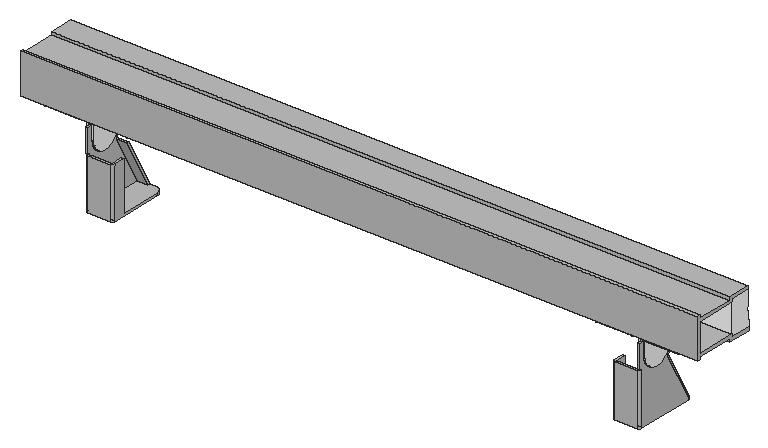
Revit family "4070750+4070746+4070771 Feilo Sylvania Lighting Fixture CURSUS 591MM 365LM WIDE LED 3K with CONTINUOUS WALL HOUSING with 70MM WALL BRACKET", category Lighting Fixtures, host Face, Revit 2017
Family settings
  Host = Face
  Round Connector Dimension = Use Diameter
  Part Type = Normal
  OmniClass Number = 23.80.70.14
  OmniClass Title = Luminaries for External Lighting
  Cut with Voids When Loaded = Yes
  Light Source = No
  Shared = No
  Room Calculation Point = No
Parameters (values of type "4070750 CURSUS 591MM 365LM WIDE LED 3K")
  Weight = "1.2 kg"
  Wattage Comments = "n/a"
  WarrantyStartDate [instance] = "n/a"
  WarrantyGuarantorParts = "n/a"
  WarrantyDurationUnit = "n/a"
  WarrantyDurationParts = "n/a"
  WarrantyDescription = "n/a"
  Voltage = 24 V
  URL = "http://www.sylvania-lighting.com"
  TypeName = "CURSUS 591MM 365LM WIDE LED 3K"
  TypeFixture_FEILO = CURSUS with CONTINUOUS WALL HOUSING : CURSUS 591MM 365LM WIDE LED 3K
  Type Image = <None>
  Type Comments = "n/a"
  TiltAngle [instance] = 0.00°
  StartAngle [instance] = TiltAngle + 270.00°  # 270.00°
  SerialNumber [instance] = "n/a"
  ReflectorMaterial = none
  PowerFactor = 0
  PowerConsumption = "9 W"
  NominalLength = 591 mm
  NominalHeight = 50 mm
  NominalDepth = 30 mm
  Name = "CURSUS 591MM 365LM WIDE LED 3K"
  ModelReference = Name  # "CURSUS 591MM 365LM WIDE LED 3K"
  ModelNumber = "4070750"
  Model = Name  # "CURSUS 591MM 365LM WIDE LED 3K"
  Material = "natural anodised extruded aluminium structure housing"
  ManufacturerName = "Feilo Sylvania"
  Manufacturer = "Feilo Sylvania"
  LuminousEfficacy = "40.55 lm/W"
  LuminaireType = ""
  LightOutputRatio = "100"
  LampsType = Lamp  # "LED"
  LampNominalLuminous = "365 lm"
  LampMacAdamStep = "n/a"
  LampColourTemperature = "3000 K"
  LampColourRenderingIndex = "80"
  Lamp = "LED"
  Keynote = "16500"
  InstallationDate [instance] = "n/a"
  InputVoltage = "24V DC"
  InputNominalFrequency = "n/a"
  IngressProtection = "IP67"
  ImpactProtectionIndex = "IK07"
  IfcExportType = "IfcLightFixtureType"
  IfcExportAs = "IfcLightFixtureType"
  ExpectedLife = 50000
  EndAngle [instance] = StartAngle - 180.00°  # 90.00°
  ElectricShockClassification = "Class III"
  DurationUnit = "hours"
  DocumentationLiterature = "http://www.sylvania-lighting.com/product/en-int/products/4070750"
  DimmingControlOptions = "n/a"
  DiffuserMaterial = Diffuser-Sylvania-Glow
  Description = "LED Exterior Lighting Recessed Surface Mounted Linear Fixture, Natural anodised extruded aluminium structure. Die-cast aluminium end caps. Installation kit with harmonic steel springs., 365 lm, 9W, 40lm/W, 3000K, CRI80+,non dimmable,IP67, IK07, (HxWxD) 591x50x30mm, 3 step Mac Adam Ellipse, 1.2kg,, Classe III, 21-25V-DC, energy class : A++, A+, A"
  Default Elevation = 1219.2 mm
  CreatedOn = "1/8/2018"
  CreatedBy = ""
  Cost = 0
  built-in parameter 1114216 [instance] = (empty or 0)
  ClassificationValue = "EF_70_80"
  ClassificationName = "Uniclass2015"
  BracketWidth = 24 mm
  BracketThickness = 2 mm
  BracketHeightEnd = 32 mm
  BracketHeight = 55 mm
  BracketFlange = BracketHeight / 5  # 11 mm
  BracketExtension = 70 mm
  BracketEndReduction = 25 mm
  BracketC = 22 mm  # constant formula
  BracketDistance = 460 mm
  BracketD = BracketHeightEnd - (BracketC * (BracketHeight - BracketHeightEnd) / (BracketExtension - BracketEndReduction))  # 20.756 mm
  BodyMaterial = Body-Sylvania-Gray
  BarCode [instance] = "n/a"
  AssetType = "Fixed"
  AssetIdentifier [instance] = "n/a"
  Assembly Code = "D5020200"
  Apparent Load = 9 VA
  AccessoryMaterial = Diffuser-Sylvania-Glow
Reference planes
  plane 1 "Center (Front/Back)": y = 0
  plane 2: z = 0
  plane 3 "Center (Left/Right)": x = 0
  plane 4: x = -242
  plane 5: x = 242
  plane 6: y = 55
  plane 7: x = -218
  plane 8: x = 218
  plane 9: z = 70
  plane 10: z = 56
  plane 11: z = 2
  plane 12: z = 45
  plane 13: x = -240
  plane 14: y = 53
  plane 15: y = 2
  plane 16: x = -220
  plane 17: x = 220
  plane 18: x = 240
  plane 19: x = -230
  plane 20: x = 230
  plane 21: y = 11
  plane 22: y = 32
  plane 23: y = 30
  plane 24: z = 67
  plane 25: y = 20.756
  plane 26: y = 16
Forms (mm)
  Blend 1, solid, material "Body-Sylvania-Gray" <- "BodyMaterial"
    base sketch origin (1223.4, -4572, 2) x (0, -1, 0) y (1, 0, 0)
      loop
        line (-4625, -1453.4) -> (-4627, -1453.4) -> (-4627, -1463.4)
        arc (-4627, -1463.4) -> (-4626.414, -1464.814) -> (-4625, -1465.4) r 2
        line (-4625, -1465.4) -> (-4574, -1465.4)
        arc (-4574, -1465.4) -> (-4572.586, -1464.814) -> (-4572, -1463.4) r 2
        line (-4572, -1463.4) -> (-4572, -1443.4)
        arc (-4572, -1443.4) -> (-4572.586, -1441.986) -> (-4574, -1441.4) r 2
        line (-4574, -1441.4) -> (-4583, -1441.4) -> (-4583, -1443.4) -> (-4574, -1443.4) -> (-4574, -1463.4) -> (-4625, -1463.4) -> (-4625, -1453.4)
    top sketch origin (1223.4, -4572, 2) x (0, -1, 0) y (1, 0, 0)
      loop
        line (-4583, -1443.4) -> (-4574, -1443.4) -> (-4574, -1463.4) -> (-4602, -1463.4) -> (-4602, -1453.4) -> (-4604, -1453.4) -> (-4604, -1463.4)
        arc (-4604, -1463.4) -> (-4603.52, -1464.71) -> (-4602.309, -1465.4) r 2.028
        line (-4602.309, -1465.4) -> (-4574, -1465.4)
        arc (-4574, -1465.4) -> (-4572.586, -1464.814) -> (-4572, -1463.4) r 2
        line (-4572, -1463.4) -> (-4572, -1443.4)
        arc (-4572, -1443.4) -> (-4572.586, -1441.986) -> (-4574, -1441.4) r 2
        line (-4574, -1441.4) -> (-4583, -1441.4) -> (-4583, -1443.4)
    from 0 to 43
  Extrusion 2, solid, material "Body-Sylvania-Gray" <- "BodyMaterial"
    sketch origin (0, 0, 0) x (1, 0, 0) y (0, 1, 0)
      loop
        arc (-240, 55) -> (-241.414, 54.414) -> (-242, 53) r 2
        line (-242, 53) -> (-242, 2)
        arc (-242, 2) -> (-241.414, 0.586) -> (-240, 0) r 2
        line (-240, 0) -> (-220, 0)
        arc (-220, 0) -> (-218.586, 0.586) -> (-218, 2) r 2
        line (-218, 2) -> (-218, 47.5)
        arc (-218, 47.5) -> (-220.197, 52.803) -> (-225.5, 55) r 7.5
        line (-225.5, 55) -> (-240, 55)
      loop
        line (240, 55) -> (225.5, 55)
        arc (225.5, 55) -> (220.197, 52.803) -> (218, 47.5) r 7.5
        line (218, 47.5) -> (218, 2)
        arc (218, 2) -> (218.586, 0.586) -> (220, 0) r 2
        line (220, 0) -> (240, 0)
        arc (240, 0) -> (241.414, 0.586) -> (242, 2) r 2
        line (242, 2) -> (242, 53)
        arc (242, 53) -> (241.414, 54.414) -> (240, 55) r 2
    from 0 to 2
  Blend 3, solid, material "Body-Sylvania-Gray" <- "BodyMaterial"
    base sketch origin (1223.4, -4572, 2) x (0, -1, 0) y (1, 0, 0)
      loop
        line (-4625, -983.4) -> (-4574, -983.4) -> (-4574, -1003.4) -> (-4583, -1003.4) -> (-4583, -1005.4) -> (-4574, -1005.4)
        arc (-4574, -1005.4) -> (-4572.586, -1004.814) -> (-4572, -1003.4) r 2
        line (-4572, -1003.4) -> (-4572, -983.4)
        arc (-4572, -983.4) -> (-4572.586, -981.986) -> (-4574, -981.4) r 2
        line (-4574, -981.4) -> (-4625, -981.4)
        arc (-4625, -981.4) -> (-4626.414, -981.986) -> (-4627, -983.4) r 2
        line (-4627, -983.4) -> (-4627, -993.4) -> (-4625, -993.4) -> (-4625, -983.4)
    top sketch origin (1223.4, -4572, 2) x (0, -1, 0) y (1, 0, 0)
      loop
        line (-4602, -993.4) -> (-4602, -983.4) -> (-4574, -983.4) -> (-4574, -1003.4) -> (-4583, -1003.4) -> (-4583, -1005.4) -> (-4574, -1005.4)
        arc (-4574, -1005.4) -> (-4572.586, -1004.814) -> (-4572, -1003.4) r 2
        line (-4572, -1003.4) -> (-4572, -983.4)
        arc (-4572, -983.4) -> (-4572.586, -981.986) -> (-4574, -981.4) r 2
        line (-4574, -981.4) -> (-4602, -981.4)
        arc (-4602, -981.4) -> (-4603.414, -981.986) -> (-4604, -983.4) r 2
        line (-4604, -983.4) -> (-4604, -993.4) -> (-4602, -993.4)
    from 0 to 43
  Blend 4, solid, material "Body-Sylvania-Gray" <- "BodyMaterial"
    base sketch origin (1223.4, -4572, 45) x (0, -1, 0) y (1, 0, 0)
      loop
        line (-4604, -1465.4) -> (-4572, -1465.4) -> (-4572, -1463.4) -> (-4604, -1463.4) -> (-4604, -1465.4)
    top sketch origin (1223.4, -4572, 45) x (0, -1, 0) y (1, 0, 0)
      loop
        line (-4572, -1465.4) -> (-4572, -1463.4) -> (-4592.756, -1463.4) -> (-4592.756, -1465.4) -> (-4572, -1465.4)
    from 0 to 22
  Blend 5, solid, material "Body-Sylvania-Gray" <- "BodyMaterial"
    base sketch origin (1223.4, -4572, 45) x (0, -1, 0) y (1, 0, 0)
      loop
        line (-4604, -983.4) -> (-4572, -983.4) -> (-4572, -981.4) -> (-4604, -981.4) -> (-4604, -983.4)
    top sketch origin (1223.4, -4572, 45) x (0, -1, 0) y (1, 0, 0)
      loop
        line (-4572, -981.4) -> (-4592.756, -981.4) -> (-4592.756, -983.4) -> (-4572, -983.4) -> (-4572, -981.4)
    from 0 to 22
  Extrusion 6, void
    sketch origin (0, 0, 0) x (0, 1, 0) y (0, 0, 1)
      loop
        line (0, 45) -> (2, 45) -> (2, 46.5) -> (0, 46.5) -> (0, 45)
      loop
        line (32, 45) -> (32, 46.5) -> (30, 46.5) -> (30, 45) -> (32, 45)
    from -242 to 242
  Revolve 7, solid, not visible
    sketch origin (1524, 16, 1219.2) x (1, 0, 0) y (0, 0, 1)
      loop
        line (-1524, -1152.2) -> (-1524, -1163.2) -> (-1294, -1163.2) -> (-1294, -1152.2) -> (-1524, -1152.2)
      axis (-1294, -1163.2) -> (-1524, -1163.2)
    angle from 270 <- "StartAngle" to 90 <- "EndAngle"
Cuts and joins
  Extrusion 6 cuts Blend 4
  Extrusion 6 cuts Blend 5
  joined: Blend 1, Extrusion 2, Blend 3, Blend 4, Blend 5
Lines and regions (mm)
  reference lines, not visible
    curve 1: line (-218, 16, 56) -> (218, 16, 56)
Dimensions and locks
  equal spacing: plane 4, plane 3 "Center (Left/Right)", plane 5
  "BracketDistance": plane 19 to plane 20
  "BracketHeight": plane 1 "Center (Front/Back)" to plane 6
  equal spacing: plane 7, plane 3 "Center (Left/Right)", plane 8
  "BracketWidth": plane 4 to plane 7
  "BracketExtension": plane 9 to plane 2
  "BracketThickness": plane 11 to plane 2
  "BracketEndReduction": plane 9 to plane 12
  equal spacing: plane 13, plane 3 "Center (Left/Right)", plane 18
  equal spacing: plane 16, plane 3 "Center (Left/Right)", plane 17
  "BracketThickness": plane 4 to plane 13
  "BracketThickness": plane 16 to plane 7
  "BracketThickness": plane 14 to plane 6
  "BracketThickness": plane 1 "Center (Front/Back)" to plane 15
  equal spacing: plane 4, plane 19, plane 7
  equal spacing: plane 8, plane 20, plane 5
  "BracketFlange": plane 1 "Center (Front/Back)" to plane 21
  "BracketHeightEnd": plane 1 "Center (Front/Back)" to plane 22
  "BracketThickness": plane 23 to plane 22
  locked: Extrusion 2 sketch curve to plane 7 at 7.5
  locked: Extrusion 2 sketch curve to plane 6 at 7.5  (x2)
  locked: plane 8 to Extrusion 2 sketch curve at 7.5
  "BracketC": plane 24 to plane 12
  "BracketD": plane 1 "Center (Front/Back)" to plane 25
  locked: plane 12 to Extrusion 6 sketch curve at 1.5
  equal spacing: plane 24, plane 10, plane 12
  equal spacing: plane 1 "Center (Front/Back)", plane 26, plane 22
  aligned and locked: plane 2 to host face
  aligned and locked: level to host face
  aligned and locked: plane 4 to Blend 1 sketch curve  (x2)
  aligned and locked: plane 13 to Blend 1 sketch curve  (x3)
  aligned and locked: Blend 1 sketch curve to plane 15
  aligned and locked: Blend 1 sketch curve to plane 16
  aligned and locked: Blend 1 sketch curve to plane 21
  aligned and locked: plane 7 to Blend 1 sketch curve
  aligned and locked: plane 16 to Blend 1 sketch curve
  aligned and locked: plane 1 "Center (Front/Back)" to Blend 1 sketch curve
  aligned and locked: plane 14 to Blend 1 sketch curve
  aligned and locked: Blend 1 sketch curve to var sketch  (x6)
  aligned and locked: Blend 1 sketch curve to plane 19
  aligned and locked: Blend 1 sketch curve to plane 22
  aligned and locked: plane 23 to Blend 1 sketch curve
  aligned and locked: plane 11 to Blend 1
  aligned and locked: Extrusion 2 sketch curve to Blend 1  (x3)
  aligned and locked: Extrusion 2 to level
  aligned and locked: Extrusion 2 to plane 11
  aligned and locked: Extrusion 2 sketch curve to plane 7
  aligned and locked: plane 18 to Blend 3 sketch curve  (x4)
  aligned and locked: plane 14 to Blend 3 sketch curve  (x2)
  aligned and locked: Blend 3 sketch curve to plane 20
  aligned and locked: Blend 3 sketch curve to plane 6
  aligned and locked: plane 5 to Blend 3 sketch curve
  aligned and locked: plane 1 "Center (Front/Back)" to Blend 3 sketch curve
  aligned and locked: plane 15 to Blend 3 sketch curve  (x2)
  aligned and locked: Blend 3 sketch curve to plane 8
  aligned and locked: Blend 3 sketch curve to plane 21
  aligned and locked: plane 17 to Blend 3 sketch curve
  aligned and locked: Blend 3 sketch curve to plane 18
  aligned and locked: plane 20 to Blend 3 sketch curve  (x2)
  aligned and locked: Blend 3 sketch curve to plane 23
  aligned and locked: Blend 3 sketch curve to var sketch  (x8)
  aligned and locked: var sketch to Blend 3 sketch curve
  aligned and locked: plane 22 to Blend 3 sketch curve
  aligned and locked: plane 11 to Blend 3
  aligned and locked: Extrusion 2 sketch curve to Blend 3  (x4)
  aligned and locked: Blend 1 to plane 12
  aligned and locked: Blend 3 to plane 12
  aligned and locked: Blend 4 sketch curve to plane 22
  aligned and locked: Blend 4 sketch curve to cut or joined group of Blend 1, Extrusion 2, Blend 3, Blend 4, Blend 5, Extrusion 6  (x2)
  aligned and locked: cut or joined group of Blend 1, Extrusion 2, Blend 3, Blend 4, Blend 5, Extrusion 6 to Blend 4 sketch curve
  aligned and locked: Blend 4 sketch curve to var sketch  (x2)
  aligned and locked: Blend 4 sketch curve to plane 13
  aligned and locked: Blend 4 to plane 24
  aligned and locked: Blend 4 sketch curve to plane 25
  aligned and locked: Blend 5 sketch curve to plane 18  (x2)
  aligned and locked: plane 1 "Center (Front/Back)" to Blend 5 sketch curve
  aligned and locked: plane 5 to Blend 5 sketch curve
  aligned and locked: plane 22 to Blend 5 sketch curve
  aligned and locked: Blend 5 sketch curve to var sketch
  aligned and locked: var sketch to Blend 5 sketch curve
  aligned and locked: Blend 5 sketch curve to plane 25
  aligned and locked: Blend 5 to plane 24
  aligned and locked: plane 12 to Blend 5
  aligned and locked: Extrusion 6 sketch curve to cut or joined group of Blend 1, Extrusion 2, Blend 3, Blend 4, Blend 5, Extrusion 6  (x2)
  aligned and locked: Extrusion 6 sketch curve to Extrusion 6 sketch curve
  aligned and locked: Extrusion 6 sketch curve to plane 15
  aligned and locked: plane 5 to Extrusion 6
  aligned and locked: Extrusion 6 to plane 4
  aligned and locked: Extrusion 6 sketch curve to plane 23
  aligned and locked: Revolve 7 sketch curve to plane 10  (x2)
  aligned and locked: plane 24 to Revolve 7 sketch curve
  aligned and locked: plane 3 "Center (Left/Right)" to Revolve 7 sketch curve
  aligned and locked: Revolve 7 sketch curve to plane 20
  aligned and locked: plane 7 to curve 1
  aligned and locked: plane 10 to curve 1
  aligned and locked: nested 1 to plane 5
  aligned and locked: nested 2 to plane 4
  aligned and locked: nested 1 to curve 1
  aligned and locked: nested 2 to curve 1
  aligned and locked: nested 1 to nested 3
  aligned and locked: nested 3 to plane 3 "Center (Left/Right)"
Automatic sketch dimensions
  host sketch curve to host sketch curve = 2438.4 mm  (x2)
  Blend 1 sketch curve to plane 13 = 0 mm
  plane 15 to Blend 1 sketch curve = 0 mm  (x3)
  Blend 1 sketch curve to plane 23 = 0.309 mm
  plane 6 to Blend 1 sketch curve = 0 mm
  plane 14 to Blend 1 sketch curve = 0 mm
  Blend 1 sketch curve to plane 19 = 0 mm
  Blend 3 sketch curve to plane 17 = 0 mm
  Extrusion 6 sketch curve to plane 1 "Center (Front/Back)" = 0 mm
  plane 12 to Extrusion 6 sketch curve = 0 mm
  Revolve 7 sketch curve to plane 4 = 1153 mm
  plane 5 to Revolve 7 sketch curve = 1161.4 mm
  curve 1 to plane 8 = 0 mm
Nested families
  nested 1: "MountingPlate" at (241, 16, 56) x (-1, 0, 0) z (0, 0, 1), type "MountingPlate"
  nested 2: "MountingPlate" at (-241, 16, 56) x (-1, 0, 0) z (0, 0, 1), type "MountingPlate"
  nested 3: "CURSUS with CONTINUOUS WALL HOUSING" at (0, -4, 74) x (-1, 0, 0) z (0, 0, 1), type <- "TypeFixture_FEILO", type "CURSUS 591MM 365LM WIDE LED 3K"
    with WarrantyStartDate "n/a", SerialNumber "n/a", InstallationDate "n/a", EndCapRight no, EndCapLeft no, built-in parameter 1114216 (empty or 0), BarCode "n/a", AssetIdentifier "n/a"
Connectors
  electrical at (0, 0, 0), driven by "Voltage", driven by "Apparent Load", driven by "PowerFactor", driven by "Apparent Load"
    settings: index 1, voltage 24 V, apparent load 9 VA, apparent load phase1 9 VA, apparent load phase2 0 VA, apparent load phase3 0 VA, power factor 0, load classification "Other", number of poles 1, system type 30, power factor state 1, is connector primary yes, connector utility no, sub classification motor no, connector description ""
Definition of nested family "MountingPlate"
  Parameters (values of type "MountingPlate")
    URL = "http://www.feilosylvania.com"
    Type Comments = "n/a"
    ReflectorMaterial = none
    MountingPlateWidth = 76 mm
    MountingPlateThickness = 2 mm
    MountingPlateRadiusBack = 12 mm
    MountingPlateRadius = 3 mm
    MountingPlateHeight = 35 mm
    Model = "n/a"
    Manufacturer = "Feilo Sylvania"
    Keynote = "n/a"
    DiffuserMaterial = none
    Description = "n/a"
    Default Elevation = 1219.2 mm
    Cost = 0
    BodyMaterial = none
    Assembly Code = "n/a"
    AccessoryMaterial = none
  Reference planes
    plane 1 "Center (Front/Back)": y = 0
    plane 2: z = 0
    plane 3 "Center (Left/Right)": x = 0
    plane 4: x = -38
    plane 5: x = 38
    plane 6: y = 17.5
    plane 7: y = -17.5
    plane 8: x = -3
    plane 9: x = 3
    plane 10: z = 18
    plane 11: z = 16
    plane 12: y = 12.5
    plane 13: y = -12.5
    plane 14: x = -1
    plane 15: x = 1
    plane 16: z = -12.5
    plane 17: z = -14.5
  Forms (mm)
    Extrusion 1, solid
      sketch origin (1.653, 0, 0) x (1, 0, 0) y (0, 1, 0)
        loop
          line (-1219.2, 1219.2) -> (-1219.2, -1219.2) -> (1219.2, -1219.2) -> (1219.2, 1219.2) -> (-1219.2, 1219.2)
      from 0 to -304.8
    Extrusion 2, solid, material <- "BodyMaterial"
      sketch origin (1218.4, -4572, 16) x (0, -1, 0) y (-1, 0, 0)
        loop
          line (-4589.5, 1253.4) -> (-4589.5, 1224.4)
          arc (-4589.5, 1224.4) -> (-4588.621, 1222.279) -> (-4586.5, 1221.4) r 3
          line (-4586.5, 1221.4) -> (-4557.5, 1221.4)
          arc (-4557.5, 1221.4) -> (-4555.379, 1222.279) -> (-4554.5, 1224.4) r 3
          line (-4554.5, 1224.4) -> (-4554.5, 1253.4)
          arc (-4554.5, 1253.4) -> (-4555.379, 1255.521) -> (-4557.5, 1256.4) r 3
          line (-4557.5, 1256.4) -> (-4586.5, 1256.4)
          arc (-4586.5, 1256.4) -> (-4588.621, 1255.521) -> (-4589.5, 1253.4) r 3
        loop
          arc (-4589.5, 1183.4) -> (-4588.621, 1181.279) -> (-4586.5, 1180.4) r 3
          line (-4586.5, 1180.4) -> (-4557.5, 1180.4)
          arc (-4557.5, 1180.4) -> (-4555.379, 1181.279) -> (-4554.5, 1183.4) r 3
          line (-4554.5, 1183.4) -> (-4554.5, 1212.4)
          arc (-4554.5, 1212.4) -> (-4555.379, 1214.521) -> (-4557.5, 1215.4) r 3
          line (-4557.5, 1215.4) -> (-4586.5, 1215.4)
          arc (-4586.5, 1215.4) -> (-4588.621, 1214.521) -> (-4589.5, 1212.4) r 3
          line (-4589.5, 1212.4) -> (-4589.5, 1183.4)
      from 0 to -2
    Extrusion 3, solid, material <- "BodyMaterial"
      sketch origin (0, 0, 0) x (1, 0, 0) y (0, 0, 1)
        loop
          line (-3, 18) -> (-3, -12.5) -> (-1, -12.5) -> (-1, 16)
          arc (-1, 16) -> (-1.586, 17.414) -> (-3, 18) r 2
        loop
          line (3, -12.5) -> (3, 18)
          arc (3, 18) -> (1.586, 17.414) -> (1, 16) r 2
          line (1, 16) -> (1, -12.5) -> (3, -12.5)
      from -12.5 to 12.5
    Extrusion 4, void
      sketch origin (0, 0, 0) x (0, 1, 0) y (0, 0, 1)
        loop
          line (-12.5, -0.5) -> (-17.5, -0.5) -> (-17.5, -14.5) -> (-0.5, -14.5) -> (-0.5, -12.5)
          arc (-0.5, -12.5) -> (-8.985, -8.985) -> (-12.5, -0.5) r 12
        loop
          line (0.5, -12.5) -> (0.5, -14.5) -> (17.5, -14.5) -> (17.5, -0.5) -> (12.5, -0.5)
          arc (12.5, -0.5) -> (8.985, -8.985) -> (0.5, -12.5) r 12
      from -3 to 3
  Cuts and joins
    Extrusion 4 cuts Extrusion 2
    Extrusion 4 cuts Extrusion 3
    joined: Extrusion 2, Extrusion 3
  Lines and regions (mm)
    reference lines
      curve 1: line (-38, 0, 0) -> (38, 0, 0)
  Dimensions and locks
    equal spacing: plane 4, plane 3 "Center (Left/Right)", plane 5
    "MountingPlateWidth": plane 4 to plane 5
    equal spacing: plane 7, plane 1 "Center (Front/Back)", plane 6
    "MountingPlateHeight": plane 7 to plane 6
    equal spacing: plane 8, plane 3 "Center (Left/Right)", plane 9
    "MountingPlateHeight": plane 4 to plane 8
    locked: plane 10 to plane 2 at 18
    "MountingPlateThickness": plane 10 to plane 11
    equal spacing: plane 13, plane 1 "Center (Front/Back)", plane 12
    locked: plane 13 to plane 12 at 25
    "MountingPlateRadius": plane 4 to Extrusion 2 sketch curve  (x2)
    "MountingPlateRadius": Extrusion 2 sketch curve to plane 6  (x4)
    "MountingPlateRadius": Extrusion 2 sketch curve to plane 8  (x2)
    "MountingPlateRadius": plane 7 to Extrusion 2 sketch curve  (x4)
    "MountingPlateRadius": plane 9 to Extrusion 2 sketch curve  (x2)
    "MountingPlateRadius": Extrusion 2 sketch curve to plane 5  (x2)
    equal spacing: plane 15, plane 3 "Center (Left/Right)", plane 14
    "MountingPlateThickness": plane 14 to plane 8
    locked: plane 2 to plane 16 at 12.5
    locked: plane 17 to plane 16 at 2
    "MountingPlateRadiusBack": plane 13 to Extrusion 4 sketch curve
    "MountingPlateRadiusBack": plane 16 to Extrusion 4 sketch curve  (x2)
    "MountingPlateRadiusBack": Extrusion 4 sketch curve to plane 12
    aligned and locked: plane 2 to Extrusion 1
    aligned and locked: level to Extrusion 1
    aligned and locked: Extrusion 2 sketch curve to plane 6
    aligned and locked: Extrusion 2 sketch curve to plane 4
    aligned and locked: plane 7 to Extrusion 2 sketch curve
    aligned and locked: plane 8 to Extrusion 2 sketch curve
    aligned and locked: plane 6 to Extrusion 2 sketch curve
    aligned and locked: Extrusion 2 sketch curve to plane 5
    aligned and locked: Extrusion 2 sketch curve to plane 7
    aligned and locked: plane 9 to Extrusion 2 sketch curve
    aligned and locked: Extrusion 2 to plane 10
    aligned and locked: plane 11 to Extrusion 2
    aligned and locked: Extrusion 3 sketch curve to Extrusion 2  (x2)
    aligned and locked: plane 16 to Extrusion 3 sketch curve  (x2)
    aligned and locked: plane 14 to Extrusion 3 sketch curve
    aligned and locked: plane 9 to Extrusion 3 sketch curve
    aligned and locked: plane 15 to Extrusion 3 sketch curve
    aligned and locked: Extrusion 3 to plane 12
    aligned and locked: plane 13 to Extrusion 3
    aligned and locked: plane 17 to Extrusion 4 sketch curve  (x2)
    aligned and locked: Extrusion 4 sketch curve to plane 7
    aligned and locked: Extrusion 4 sketch curve to plane 6
    aligned and locked: plane 9 to Extrusion 4
    aligned and locked: Extrusion 4 to plane 8
    aligned and locked: plane 4 to curve 1
    aligned and locked: curve 1 to level
  Automatic sketch dimensions
    Extrusion 1 sketch curve to Extrusion 1 sketch curve = 2438.4 mm  (x2)
    Extrusion 3 sketch curve to plane 11 = 0 mm
    curve 1 to plane 5 = 0 mm
    Extrusion 4 sketch curve to plane 13 = 0 mm
    Extrusion 4 sketch curve to plane 12 = 0 mm
Definition of nested family "CURSUS with CONTINUOUS WALL HOUSING"
  Parameters (values of type "CURSUS 1161MM 827LM OVAL LED 3K")
    Width_FEILO = 35 mm
    Weight = "2.2 kg"
    Wattage Comments = "n/a"
    Wattage = 18 W
    WarrantyStartDate [instance] = "n/a"
    WarrantyGuarantorParts = "n/a"
    WarrantyDurationUnit = "n/a"
    WarrantyDurationParts = "n/a"
    WarrantyDescription = "n/a"
    WallThickness_FEILO = 2.5 mm
    built-in parameter 1150110 = 1 (stored number, unit not read)
    Voltage = 24 V
    URL = "http://www.feilosylvania.com"
    TypeName = "CURSUS 1161MM 827LM OVAL LED 3K"
    Type Image = (empty or 0)
    Type Comments = "n/a"
    built-in parameter 1114217 = 1 (stored number, unit not read)
    Tilt Angle = -90.00°
    built-in parameter 1150109 = 1 (stored number, unit not read)
    built-in parameter 1150134 = (empty or 0)
    built-in parameter 1150113 = 1 (stored number, unit not read)
    SerialNumber [instance] = "n/a"
    ReflectorMaterial = none
    PowerFactor = 0
    PowerConsumption = "18 W"
    Photometric Web File = "4070765.ies"
    NominalLength = 1161 mm
    NominalHeight = 50 mm
    NominalDepth = 30 mm
    Name = "CURSUS 1161MM 827LM OVAL LED 3K"
    ModelReference = Name  # "CURSUS 1161MM 827LM OVAL LED 3K"
    ModelNumber = ""
    Model = Name  # "CURSUS 1161MM 827LM OVAL LED 3K"
    Material = "natural anodised extruded aluminium structure housing, optical system with pmma lenses diffuser"
    ManufacturerName = "Feilo Sylvania"
    Manufacturer = "Feilo Sylvania"
    LuminousEfficacy = "45.94 lm/W"
    built-in parameter 1150105 = 65.811 (stored number, unit not read)
    Lumens = 827 lm
    LuminaireType = ""
    built-in parameter 1150115 = 1 (stored number, unit not read)
    LightOutputRatio = "100"
    built-in parameter 1150137 = (empty or 0)
    built-in parameter 1150139 = (empty or 0)
    Length_FEILO = 1167 mm
    LampsType = Lamp  # "LED"
    LampNominalLuminous = "827 lm"
    LampMacAdamStep = "n/a"
    LampColourTemperature = "3000 K"
    LampColourRenderingIndex = "80"
    built-in parameter 1150112 = 1 (stored number, unit not read)
    built-in parameter 1150114 = 1 (stored number, unit not read)
    Lamp = "LED"
    Keynote = "16500"
    InstallationDate [instance] = "n/a"
    InputVoltage = "24V DC"
    InputNominalFrequency = "n/a"
    built-in parameter 1150132 = (empty or 0)
    built-in parameter 1150102 = (empty or 0)
    built-in parameter 1150107 = 3000 (stored number, unit not read)
    built-in parameter 1150138 = (empty or 0)
    IngressProtection = "IP67"
    ImpactProtectionIndex = "IK07"
    built-in parameter 1150106 = 0.65811 (stored number, unit not read)
    IfcExportType = "IfcLightFixtureType"
    IfcExportAs = "IfcLightFixtureType"
    ExpectedLife = 50000
    EndCapRight [instance] = no
    EndCapLeft [instance] = no
    Emit from Rectangle Width = Width_FEILO - WallThickness_FEILO * 2  # 30 mm
    Emit from Rectangle Length = Length_FEILO - WallThickness_FEILO * 2  # 1162 mm
    Emit Shape Visible in Rendering = no
    ElectricShockClassification = "Class III"
    built-in parameter 1150104 = 4.2684 (stored number, unit not read)
    DurationUnit = "hours"
    DocumentationLiterature = "http://www.feilosylvania.com/product/en-int/products/4070765"
    DimmingControlOptions = "n/a"
    Dimming Lamp Color Temperature Shift = (empty or 0)
    DiffuserMaterial = none
    Description = "LED Exterior Lighting Recessed Surface Mounted Linear Fixture, Natural anodised extruded aluminium structure. Die-cast aluminium end caps. Installation kit with harmonic steel springs., 827 lm, 18W, 45lm/W, 3000K, CRI80+,non dimmable,IP67, IK07, (HxWxD) 1161x50x30mm, 3 step Mac Adam Ellipse, 2.2kg,, Classe III, 21-25V-DC, energy class : A++, A+, A"
    Default Elevation = 1219.2 mm
    CreatedOn = "1/8/2018"
    CreatedBy = "aron.fodor@feilosylvania.com"
    Cost = 0
    Color Filter = 16777215
    built-in parameter 1114216 [instance] = (empty or 0)
    ClassificationValue = "EF_70_80"
    ClassificationName = "Uniclass2015"
    BodyMaterial = none
    BarCode [instance] = "n/a"
    built-in parameter 1114218 = 1 (stored number, unit not read)
    built-in parameter 1150133 = 10 (stored number, unit not read)
    AssetType = "Fixed"
    AssetIdentifier [instance] = "n/a"
    Assembly Code = "D5020200"
    Apparent Load = 18 VA
    AccessoryMaterial = none
  Types (16, lengths in mm): name | Weight | Wattage | Voltage | TypeName | built-in parameter 1150134 | PowerConsumption | Photometric Web File | NominalLength | Name | ModelReference | Model | Material | LuminousEfficacy | built-in parameter 1150105 | Lumens | Length_FEILO | LampNominalLuminous | LampColourTemperature | InputVoltage | InputNominalFrequency | built-in parameter 1150107 | built-in parameter 1150106 | Emit from Rectangle Length | built-in parameter 1150104 | DocumentationLiterature | Description | Apparent Load
    CURSUS 1161MM 827LM OVAL LED 3K | "2.2 kg" | 18 W | 24 V | "CURSUS 1161MM 827LM OVAL LED 3K" | (empty or 0) | "18 W" | "4070765.ies" | 1161 | "CURSUS 1161MM 827LM OVAL LED 3K" | "CURSUS 1161MM 827LM OVAL LED 3K" | "CURSUS 1161MM 827LM OVAL LED 3K" | "natural anodised extruded aluminium structure housing, optical system with pmma lenses diffuser" | "45.94 lm/W" | 65.811 (stored number, unit not read) | 827 lm | 1167 | "827 lm" | "3000 K" | "24V DC" | "n/a" | 3000 (stored number, unit not read) | 0.65811 (stored number, unit not read) | 1162 | 4.2684 (stored number, unit not read) | "http://www.feilosylvania.com/product/en-int/products/4070765" | "LED Exterior Lighting Recessed Surface Mounted Linear Fixture, Natural anodised extruded aluminium structure. Die-cast aluminium end caps. Installation kit with harmonic steel springs., 827 lm, 18W, 45lm/W, 3000K, CRI80+,non dimmable,IP67, IK07, (HxWxD) 1161x50x30mm, 3 step Mac Adam Ellipse, 2.2kg,, Classe III, 21-25V-DC, energy class : A++, A+, A" | 18 VA
    CURSUS 1161MM 731LM WIDE LED 3K | "2.2 kg" | 18 W | 230 V | "CURSUS 1161MM 731LM WIDE LED 3K" | (empty or 0) | "18 W" | "4070764.ies" | 1161 | "CURSUS 1161MM 731LM WIDE LED 3K" | "CURSUS 1161MM 731LM WIDE LED 3K" | "CURSUS 1161MM 731LM WIDE LED 3K" | "natural anodised extruded aluminium structure housing" | "40.61 lm/W" | 58.171 (stored number, unit not read) | 731 lm | 1167 | "731 lm" | "3000 K" | "220-240V~" | "n/a" | 3000 (stored number, unit not read) | 0.58171 (stored number, unit not read) | 1162 | 3.7729 (stored number, unit not read) | "http://www.feilosylvania.com/product/en-int/products/4070764" | "LED Exterior Lighting Recessed Surface Mounted Linear Fixture, Natural anodised extruded aluminium structure. Die-cast aluminium end caps. Installation kit with harmonic steel springs., 731 lm, 18W, 40lm/W, 3000K, CRI80+,non dimmable,IP67, IK07, (HxWxD) 1161x50x30mm, 3 step Mac Adam Ellipse, 2.2kg,, Classe III, 21-25V-DC, energy class : A++, A+, A" | 18 VA
    CURSUS 1161MM 871LM OVAL LED 4K | "2.2 kg" | 18 W | 24 V | "CURSUS 1161MM 871LM OVAL LED 4K" | 12 | "18 W" | "4070763.ies" | 1161 | "CURSUS 1161MM 871LM OVAL LED 4K" | "CURSUS 1161MM 871LM OVAL LED 4K" | "CURSUS 1161MM 871LM OVAL LED 4K" | "natural anodised extruded aluminium structure housing, optical system with pmma lenses diffuser" | "48.38 lm/W" | 69.312 (stored number, unit not read) | 871 lm | 1167 | "871 lm" | "4000 K" | "24V DC" | "50/60 Hz" | 4000 (stored number, unit not read) | 0.69312 (stored number, unit not read) | 1162 | 4.4955 (stored number, unit not read) | "http://www.feilosylvania.com/product/en-int/products/4070763" | "LED Exterior Lighting Recessed Surface Mounted Linear Fixture, Natural anodised extruded aluminium structure. Die-cast aluminium end caps. Installation kit with harmonic steel springs., 871 lm, 18W,  48lm/W, 4000K, CRI80+,non dimmable,IP67, IK07, (HxWxD) 1161x50x30mm, 3 step Mac Adam Ellipse, 2.2kg,, Classe III, 21-25V-DC, energy class : A++, A+, A" | 18 VA
    CURSUS 1161MM 770LM WIDE LED 4K | "2.2 kg" | 18 W | 230 V | "CURSUS 1161MM 770LM WIDE LED 4K" | 12 | "18 W" | "4070762.ies" | 1161 | "CURSUS 1161MM 770LM WIDE LED 4K" | "CURSUS 1161MM 770LM WIDE LED 4K" | "CURSUS 1161MM 770LM WIDE LED 4K" | "natural anodised extruded aluminium structure housing" | "42.77 lm/W" | 61.275 (stored number, unit not read) | 770 lm | 1167 | "770 lm" | "4000 K" | "220-240V~" | "n/a" | 4000 (stored number, unit not read) | 0.61275 (stored number, unit not read) | 1162 | 3.9742 (stored number, unit not read) | "http://www.feilosylvania.com/product/en-int/products/4070762" | "LED Exterior Lighting Recessed Surface Mounted Linear Fixture, Natural anodised extruded aluminium structure. Die-cast aluminium end caps. Installation kit with harmonic steel springs., 770 lm, 18W,  42lm/W, 4000K, CRI80+,non dimmable,IP67, IK07, (HxWxD) 1161x50x30mm, 3 step Mac Adam Ellipse, 2.2kg,, Classe III, 21-25V-DC, energy class : A++, A+, A" | 18 VA
    CURSUS 876MM 620LM OVAL LED 3K | "1.7 kg" | 13.5 W | 24 V | "CURSUS 876MM 620LM OVAL LED 3K" | (empty or 0) | "13.5 W" | "4070758.ies" | 876 | "CURSUS 876MM 620LM OVAL LED 3K" | "CURSUS 876MM 620LM OVAL LED 3K" | "CURSUS 876MM 620LM OVAL LED 3K" | "natural anodised extruded aluminium structure housing, optical system with pmma lenses diffuser" | "45.92 lm/W" | 49.338 (stored number, unit not read) | 620 lm | 882 | "620 lm" | "3000 K" | "24V DC" | "50/60 Hz" | 3000 (stored number, unit not read) | 0.49338 (stored number, unit not read) | 877 | 4.2667 (stored number, unit not read) | "http://www.feilosylvania.com/product/en-int/products/4070758" | "LED Exterior Lighting Recessed Surface Mounted Linear Fixture, Natural anodised extruded aluminium structure. Die-cast aluminium end caps. Installation kit with harmonic steel springs., 620 lm, 13,5W, 45lm/W, 3000K, CRI80+,non dimmable,IP67, IK07, (HxWxD) 876x50x30mm, 3 step Mac Adam Ellipse, 1.7kg,, Classe III, 21-25V-DC, energy class : A++, A+, A" | 13.5 VA
    CURSUS 876MM 548LM WIDE LED 3K | "1.7 kg" | 13.5 W | 24 V | "CURSUS 876MM 548LM WIDE LED 3K" | (empty or 0) | "13.5 W" | "4070757.ies" | 876 | "CURSUS 876MM 548LM WIDE LED 3K" | "CURSUS 876MM 548LM WIDE LED 3K" | "CURSUS 876MM 548LM WIDE LED 3K" | "natural anodised extruded aluminium structure housing" | "40.59 lm/W" | 43.608 (stored number, unit not read) | 548 lm | 882 | "548 lm" | "3000 K" | "24V DC" | "n/a" | 3000 (stored number, unit not read) | 0.43608 (stored number, unit not read) | 877 | 3.7712 (stored number, unit not read) | "http://www.feilosylvania.com/product/en-int/products/4070757" | "LED Exterior Lighting Recessed Surface Mounted Linear Fixture, Natural anodised extruded aluminium structure. Die-cast aluminium end caps. Installation kit with harmonic steel springs., 548 lm, 13,5W, 40lm/W, 3000K, CRI80+,non dimmable,IP67, IK07, (HxWxD) 876x50x30mm, 3 step Mac Adam Ellipse, 1.7kg,, Classe III, 21-25V-DC, energy class : A++, A+, A" | 13.5 VA
    CURSUS 876MM 653LM OVAL LED 4K | "1.7 kg" | 13.5 W | 24 V | "CURSUS 876MM 653LM OVAL LED 4K" | 12 | "13.5 W" | "4070756.ies" | 876 | "CURSUS 876MM 653LM OVAL LED 4K" | "CURSUS 876MM 653LM OVAL LED 4K" | "CURSUS 876MM 653LM OVAL LED 4K" | "natural anodised extruded aluminium structure housing, optical system with pmma lenses diffuser" | "48.37 lm/W" | 51.964 (stored number, unit not read) | 653 lm | 882 | "653 lm" | "4000 K" | "24V DC" | "n/a" | 4000 (stored number, unit not read) | 0.51964 (stored number, unit not read) | 877 | 4.4938 (stored number, unit not read) | "http://www.feilosylvania.com/product/en-int/products/4070756" | "LED Exterior Lighting Recessed Surface Mounted Linear Fixture, Natural anodised extruded aluminium structure. Die-cast aluminium end caps. Installation kit with harmonic steel springs., 653 lm, 13,5W,  48lm/W, 4000K, CRI80+,non dimmable,IP67, IK07, (HxWxD) 876x50x30mm, 3 step Mac Adam Ellipse, 1.7kg,, Classe III, 21-25V-DC, energy class : A++, A+, A" | 13.5 VA
    CURSUS 876MM 577LM WIDE LED 4K | "1.7 kg" | 13.5 W | 24 V | "CURSUS 876MM 577LM WIDE LED 4K" | 12 | "13.5 W" | "4070755.ies" | 876 | "CURSUS 876MM 577LM WIDE LED 4K" | "CURSUS 876MM 577LM WIDE LED 4K" | "CURSUS 876MM 577LM WIDE LED 4K" | "natural anodised extruded aluminium structure housing" | "42.74 lm/W" | 45.916 (stored number, unit not read) | 577 lm | 882 | "577 lm" | "4000 K" | "24V DC" | "n/a" | 4000 (stored number, unit not read) | 0.45916 (stored number, unit not read) | 877 | 3.9707 (stored number, unit not read) | "http://www.feilosylvania.com/product/en-int/products/4070755" | "LED Exterior Lighting Recessed Surface Mounted Linear Fixture, Natural anodised extruded aluminium structure. Die-cast aluminium end caps. Installation kit with harmonic steel springs., 577 lm, 13,5W,  42lm/W, 4000K, CRI80+,non dimmable,IP67, IK07, (HxWxD) 876x50x30mm, 3 step Mac Adam Ellipse, 1.7kg,, Classe III, 21-25V-DC, energy class : A++, A+, A" | 13.5 VA
    CURSUS 591MM 414LM OVAL LED 3K | "1.2 kg" | 9 W | 24 V | "CURSUS 591MM 414LM OVAL LED 3K" | (empty or 0) | "9 W" | "4070751.ies" | 591 | "CURSUS 591MM 414LM OVAL LED 3K" | "CURSUS 591MM 414LM OVAL LED 3K" | "CURSUS 591MM 414LM OVAL LED 3K" | "natural anodised extruded aluminium structure housing, optical system with pmma lenses diffuser" | "46 lm/W" | 32.945 (stored number, unit not read) | 414 lm | 597 | "414 lm" | "3000 K" | "24V DC" | "n/a" | 3000 (stored number, unit not read) | 0.32945 (stored number, unit not read) | 592 | 4.2735 (stored number, unit not read) | "http://www.feilosylvania.com/product/en-int/products/4070751" | "LED Exterior Lighting Recessed Surface Mounted Linear Fixture, Natural anodised extruded aluminium structure. Die-cast aluminium end caps. Installation kit with harmonic steel springs., 414 lm, 9W, 46lm/W, 3000K, CRI80+,non dimmable,IP67, IK07, (HxWxD) 591x50x30mm, 3 step Mac Adam Ellipse, 1.2kg,, Classe III, 21-25V-DC, energy class : A++, A+, A" | 9 VA
    CURSUS 591MM 365LM WIDE LED 3K | "1.2 kg" | 9 W | 24 V | "CURSUS 591MM 365LM WIDE LED 3K" | (empty or 0) | "9 W" | "4070750.ies" | 591 | "CURSUS 591MM 365LM WIDE LED 3K" | "CURSUS 591MM 365LM WIDE LED 3K" | "CURSUS 591MM 365LM WIDE LED 3K" | "natural anodised extruded aluminium structure housing" | "40.55 lm/W" | 29.046 (stored number, unit not read) | 365 lm | 597 | "365 lm" | "3000 K" | "24V DC" | "n/a" | 3000 (stored number, unit not read) | 0.29046 (stored number, unit not read) | 592 | 3.7677 (stored number, unit not read) | "http://www.feilosylvania.com/product/en-int/products/4070750" | "LED Exterior Lighting Recessed Surface Mounted Linear Fixture, Natural anodised extruded aluminium structure. Die-cast aluminium end caps. Installation kit with harmonic steel springs., 365 lm, 9W, 40lm/W, 3000K, CRI80+,non dimmable,IP67, IK07, (HxWxD) 591x50x30mm, 3 step Mac Adam Ellipse, 1.2kg,, Classe III, 21-25V-DC, energy class : A++, A+, A" | 9 VA
    CURSUS 591MM 435LM OVAL LED 4K | "1.2 kg" | 9 W | 24 V | "CURSUS 591MM 435LM OVAL LED 4K" | 12 | "9 W" | "4070749.ies" | 591 | "CURSUS 591MM 435LM OVAL LED 4K" | "CURSUS 591MM 435LM OVAL LED 4K" | "CURSUS 591MM 435LM OVAL LED 4K" | "natural anodised extruded aluminium structure housing, optical system with pmma lenses diffuser" | "48.33 lm/W" | 34.616 (stored number, unit not read) | 435 lm | 597 | "435 lm" | "4000 K" | "24V DC" | "n/a" | 4000 (stored number, unit not read) | 0.34616 (stored number, unit not read) | 592 | 4.4903 (stored number, unit not read) | "http://www.feilosylvania.com/product/en-int/products/4070749" | "LED Exterior Lighting Recessed Surface Mounted Linear Fixture, Natural anodised extruded aluminium structure. Die-cast aluminium end caps. Installation kit with harmonic steel springs., 435 lm, 9W, 48lm/W, 4000K, CRI80+,non dimmable,IP67, IK07, (HxWxD) 591x50x30mm, 3 step Mac Adam Ellipse, 1.2kg,, Classe III, 21-25V-DC, energy class : A++, A+, A" | 9 VA
    CURSUS 591MM 385LM WIDE LED 4K | "1.2 kg" | 9 W | 24 V | "CURSUS 591MM 385LM WIDE LED 4K" | 12 | "9 W" | "4070748.ies" | 591 | "CURSUS 591MM 385LM WIDE LED 4K" | "CURSUS 591MM 385LM WIDE LED 4K" | "CURSUS 591MM 385LM WIDE LED 4K" | "natural anodised extruded aluminium structure housing" | "42.77 lm/W" | 30.637 (stored number, unit not read) | 385 lm | 597 | "385 lm" | "4000 K" | "24V DC" | "n/a" | 4000 (stored number, unit not read) | 0.30637 (stored number, unit not read) | 592 | 3.9742 (stored number, unit not read) | "http://www.feilosylvania.com/product/en-int/products/4070748" | "LED Exterior Lighting Recessed Surface Mounted Linear Fixture, Natural anodised extruded aluminium structure. Die-cast aluminium end caps. Installation kit with harmonic steel springs., 385 lm, 9W,  42lm/W, 4000K, CRI80+,non dimmable,IP67, IK07, (HxWxD) 591x50x30mm, 3 step Mac Adam Ellipse, 1.2kg,, Classe III, 21-25V-DC, energy class : A++, A+, A" | 9 VA
    CURSUS 306MM 207LM OVAL LED3K | "0.6 kg" | 4.5 W | 24 V | "CURSUS 306MM 207LM OVAL LED3K" | (empty or 0) | "4.5 W" | "4070744.ies" | 306 | "CURSUS 306MM 207LM OVAL LED3K" | "CURSUS 306MM 207LM OVAL LED3K" | "CURSUS 306MM 207LM OVAL LED3K" | "natural anodised extruded aluminium structure housing, optical system with pmma lenses diffuser" | "46 lm/W" | 16.473 (stored number, unit not read) | 207 lm | 312 | "207 lm" | "3000 K" | "24V DC" | "n/a" | 3000 (stored number, unit not read) | 0.16473 (stored number, unit not read) | 307 | 4.2735 (stored number, unit not read) | "http://www.feilosylvania.com/product/en-int/products/4070744" | "LED Exterior Lighting Recessed Surface Mounted Linear Fixture, Natural anodised extruded aluminium structure. Die-cast aluminium end caps. Installation kit with harmonic steel springs., 207 lm, 4,5W, 46lm/W, 3000K, CRI80+,non dimmable,IP67, IK07, (HxWxD) 306x50x30mm, 3 step Mac Adam Ellipse, 0.6kg,, Classe III, 21-25V-DC, energy class : A++, A+, A" | 4.5 VA
    CURSUS 306MM 183LM WIDE LED 3K | "0.6 kg" | 4.5 W | 24 V | "CURSUS 306MM 183LM WIDE LED 3K" | (empty or 0) | "4.5 W" | "4070743.ies" | 306 | "CURSUS 306MM 183LM WIDE LED 3K" | "CURSUS 306MM 183LM WIDE LED 3K" | "CURSUS 306MM 183LM WIDE LED 3K" | "natural anodised extruded aluminium structure housing" | "40.66 lm/W" | 14.563 (stored number, unit not read) | 183 lm | 312 | "183 lm" | "3000 K" | "24V DC" | "n/a" | 3000 (stored number, unit not read) | 0.14563 (stored number, unit not read) | 307 | 3.7781 (stored number, unit not read) | "http://www.feilosylvania.com/product/en-int/products/4070743" | "LED Exterior Lighting Recessed Surface Mounted Linear Fixture, Natural anodised extruded aluminium structure. Die-cast aluminium end caps. Installation kit with harmonic steel springs., 183 lm, 4,5W, 40lm/W, 3000K, CRI80+,non dimmable,IP67, IK07, (HxWxD) 306x50x30mm, 3 step Mac Adam Ellipse, 0.6kg,, Classe III, 21-25V-DC, energy class : A++, A+, A" | 4.5 VA
    CURSUS 306MM 218LM OVAL LED 4K | "0.6 kg" | 4.5 W | 24 V | "CURSUS 306MM 218LM OVAL LED 4K" | 12 | "4.5 W" | "4070742.ies" | 306 | "CURSUS 306MM 218LM OVAL LED 4K" | "CURSUS 306MM 218LM OVAL LED 4K" | "CURSUS 306MM 218LM OVAL LED 4K" | "natural anodised extruded aluminium structure housing, optical system with pmma lenses diffuser" | "48.44 lm/W" | 17.348 (stored number, unit not read) | 218 lm | 312 | "218 lm" | "4000 K" | "24V DC" | "n/a" | 4000 (stored number, unit not read) | 0.17348 (stored number, unit not read) | 307 | 4.5006 (stored number, unit not read) | "http://www.feilosylvania.com/product/en-int/products/4070742" | "LED Exterior Lighting Recessed Surface Mounted Linear Fixture, Natural anodised extruded aluminium structure. Die-cast aluminium end caps. Installation kit with harmonic steel springs., 218 lm, 4,5W,  48lm/W, 4000K, CRI80+,non dimmable,IP67, IK07, (HxWxD) 306x50x30mm, 3 step Mac Adam Ellipse, 0.6kg,, Classe III, 21-25V-DC, energy class : A++, A+, A" | 4.5 VA
    CURSUS 306MM 192LM WIDE LED 4K | "0.6 kg" | 4.5 W | 24 V | "CURSUS 306MM 192LM WIDE LED 4K" | 12 | "4.5 W" | "4070741.ies" | 306 | "CURSUS 306MM 192LM WIDE LED 4K" | "CURSUS 306MM 192LM WIDE LED 4K" | "CURSUS 306MM 192LM WIDE LED 4K" | "natural anodised extruded aluminium structure housing" | "42.66 lm/W" | 15.279 (stored number, unit not read) | 192 lm | 312 | "192 lm" | "4000 K" | "24V DC" | "n/a" | 4000 (stored number, unit not read) | 0.15279 (stored number, unit not read) | 307 | 3.9639 (stored number, unit not read) | "http://www.feilosylvania.com/product/en-int/products/4070741" | "LED Exterior Lighting Recessed Surface Mounted Linear Fixture, Natural anodised extruded aluminium structure. Die-cast aluminium end caps. Installation kit with harmonic steel springs., 192 lm, 4,5W,  42lm/W, 4000K, CRI80+,non dimmable,IP67, IK07, (HxWxD) 306x50x30mm, 3 step Mac Adam Ellipse, 0.6kg,, Classe III, 21-25V-DC, energy class : A++, A+, A" | 4.5 VA
  Reference planes
    plane 1 "Center (Front/Back)": y = 0
    plane 2: z = 0
    plane 3 "Center (Left/Right)": x = 0
    plane 4: x = 583.5
    plane 5: x = -583.5
    plane 6: x = -581
    plane 7: x = 581
    plane 8: z = 35
    plane 9: z = 17.5
    plane 10: z = 32.5
    plane 11: z = 2.5
    plane 12: z = 30
    plane 13: z = 5
    plane 14: y = -55
    plane 15: y = -53
    plane 16: y = -2.5
    plane 17: y = -37
    plane 18: y = -34.5
  Forms (mm)
    Extrusion 1, solid
      sketch origin (4.2, 0, 0) x (1, 0, 0) y (0, 1, 0)
        loop
          line (-1219.2, 1219.2) -> (-1219.2, -1219.2) -> (1219.2, -1219.2) -> (1219.2, 1219.2) -> (-1219.2, 1219.2)
      from 0 to -304.8
    Extrusion 2, solid, material <- "BodyMaterial"
      sketch origin (0, 0, 0) x (0, 1, 0) y (0, 0, 1)
        loop
          line (0, 35) -> (-2.5, 35) -> (-2.5, 32.5) -> (-34.5, 32.5) -> (-34.5, 35) -> (-55, 35) -> (-55, 32.5) -> (-37, 32.5) -> (-37, 30) -> (-2.5, 30) -> (-2.5, 5) -> (-37, 5) -> (-37, 2.5) -> (-55, 2.5) -> (-55, 0) -> (-34.5, 0) -> (-34.5, 2.5) -> (-2.5, 2.5) -> (-2.5, 0) -> (0, 0) -> (0, 35)
      from -581 to 581
    Extrusion 3, solid, material <- "DiffuserMaterial"
      sketch origin (0, 0, 0) x (0, 1, 0) y (0, 0, 1)
        loop
          line (-37, 32.5) -> (-55, 32.5) -> (-55, 19.5) -> (-53, 17.5) -> (-55, 15.5) -> (-55, 2.5) -> (-37, 2.5) -> (-37, 32.5)
      from -581 to 581
    Extrusion 4, solid, material <- "BodyMaterial", visible <- "EndCapRight"
      sketch origin (581, 1524, 1219.2) x (0, 1, 0) y (0, 0, 1)
        loop
          line (-1579, -1184.2) -> (-1579, -1219.2) -> (-1524, -1219.2) -> (-1524, -1184.2) -> (-1579, -1184.2)
      from 0 to 2.5
    Extrusion 5, solid, material <- "BodyMaterial", visible <- "EndCapLeft"
      sketch origin (-581, 1524, 1219.2) x (0, 1, 0) y (0, 0, 1)
        loop
          line (-1579, -1184.2) -> (-1579, -1219.2) -> (-1524, -1219.2) -> (-1524, -1184.2) -> (-1579, -1184.2)
      from -2.5 to 0
  Dimensions and locks
    equal spacing: plane 5, plane 3 "Center (Left/Right)", plane 4
    "Length_FEILO": plane 5 to plane 4
    equal spacing: plane 6, plane 3 "Center (Left/Right)", plane 7
    "WallThickness_FEILO": plane 5 to plane 6
    locked: plane 9 to plane 2 at 17.5
    locked: plane 8 to plane 2 at 35
    equal spacing: plane 11, plane 9, plane 10
    equal spacing: plane 13, plane 9, plane 12
    "WallThickness_FEILO": plane 12 to plane 10
    locked: plane 14 to plane 15 at 2
    locked: plane 14 to plane 17 at 18
    "WallThickness_FEILO": plane 17 to plane 18
    "WallThickness_FEILO": plane 16 to plane 1 "Center (Front/Back)"
    locked: plane 15 to Extrusion 3 sketch curve (angle 45.00°)
    locked: Extrusion 3 sketch curve to plane 15 (angle 45.00°)
    aligned and locked: plane 2 to Extrusion 1
    aligned and locked: level to Extrusion 1
    aligned and locked: plane 1 "Center (Front/Back)" to Extrusion 2 sketch curve
    aligned and locked: Extrusion 2 sketch curve to plane 8  (x2)
    aligned and locked: plane 16 to Extrusion 2 sketch curve
    aligned and locked: Extrusion 1 to Extrusion 2 sketch curve
    aligned and locked: Extrusion 2 sketch curve to plane 16  (x2)
    aligned and locked: Extrusion 2 sketch curve to plane 11
    aligned and locked: plane 18 to Extrusion 2 sketch curve
    aligned and locked: level to Extrusion 2 sketch curve
    aligned and locked: plane 11 to Extrusion 2 sketch curve
    aligned and locked: Extrusion 2 sketch curve to plane 17
    aligned and locked: plane 13 to Extrusion 2 sketch curve
    aligned and locked: Extrusion 2 sketch curve to plane 12
    aligned and locked: plane 10 to Extrusion 2 sketch curve  (x2)
    aligned and locked: plane 17 to Extrusion 2 sketch curve  (x2)
    aligned and locked: plane 12 to Extrusion 2 sketch curve
    aligned and locked: Extrusion 2 sketch curve to plane 10
    aligned and locked: Extrusion 2 sketch curve to plane 18
    aligned and locked: plane 7 to Extrusion 2
    aligned and locked: Extrusion 2 to plane 6
    aligned and locked: Extrusion 3 sketch curve to Extrusion 2  (x4)
    aligned and locked: Extrusion 2 to Extrusion 3 sketch curve
    aligned and locked: plane 9 to Extrusion 3 sketch curve
    aligned and locked: plane 7 to Extrusion 3
    aligned and locked: Extrusion 3 to plane 6
    aligned and locked: Extrusion 4 sketch curve to Extrusion 2  (x4)
    aligned and locked: plane 4 to Extrusion 4
    aligned and locked: Extrusion 4 to plane 7
    aligned and locked: Extrusion 5 sketch curve to Extrusion 4  (x3)
    aligned and locked: Extrusion 5 sketch curve to Extrusion 2
    aligned and locked: Extrusion 5 to plane 5
    aligned and locked: plane 6 to Extrusion 5
    aligned and locked: plane 14 to imposter light
    aligned and locked: imposter light to plane 9
    aligned and locked: plane 3 "Center (Left/Right)" to imposter light
  Automatic sketch dimensions
    Extrusion 1 sketch curve to Extrusion 1 sketch curve = 2438.4 mm  (x2)
    Extrusion 2 sketch curve to plane 14 = 0 mm  (x2)
    Extrusion 3 sketch curve to plane 15 = 0 mm
  Connectors
    electrical at (0, 0, 0), driven by "Apparent Load", driven by "PowerFactor", driven by "Voltage"
      settings: index 1, voltage 24 V, apparent load 18 VA, apparent load phase1 0 VA, apparent load phase2 0 VA, apparent load phase3 0 VA, power factor 0, load classification none, number of poles 1, system type 30, power factor state 1, is connector primary yes, connector utility no, sub classification motor no, connector description ""
